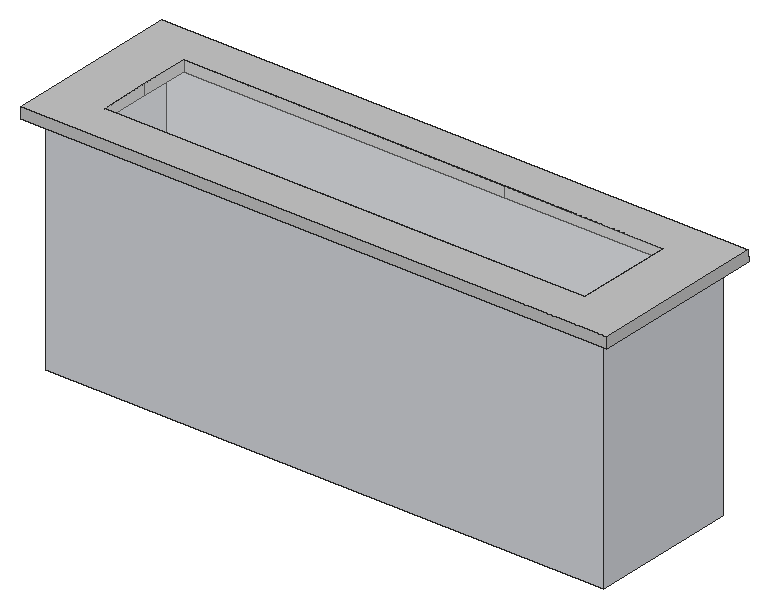
Revit family "22131_HOST_FACE", category Lighting Fixtures, host Face, Revit 2012
Parameters (values of type "Recessed Luminaires - Stainless Steel")
  Wattage = 3.36605 W
  built-in parameter 1150110 = 1 (stored number, unit not read)
  URL = "www.bega-us.com"
  built-in parameter 1114217 = 1 (stored number, unit not read)
  Tilt Angle = 90.00°
  built-in parameter 1150109 = 1 (stored number, unit not read)
  built-in parameter 1150134 = (empty or 0)
  Telephone = "805.648.0533"
  built-in parameter 1150113 = 1 (stored number, unit not read)
  Photometric Web File = "22131.IES"
  Model = "22131"
  Manufacturer = "BEGA-US"
  built-in parameter 1150105 = 39.789 (stored number, unit not read)
  Lumens = 500 lm
  built-in parameter 1150115 = 1 (stored number, unit not read)
  built-in parameter 1150137 = (empty or 0)
  built-in parameter 1150139 = (empty or 0)
  built-in parameter 1150112 = 1 (stored number, unit not read)
  built-in parameter 1150114 = 1 (stored number, unit not read)
  Lamp = "6W LED"
  built-in parameter 1150132 = 2
  built-in parameter 1150102 = (empty or 0)
  built-in parameter 1150107 = 3300 (stored number, unit not read)
  built-in parameter 1150138 = (empty or 0)
  built-in parameter 1150106 = 0.39789 (stored number, unit not read)
  built-in parameter 1150104 = 13.8 (stored number, unit not read)
  Dimming Lamp Color Temperature Shift = <None>
  Description = "Recessed wall - stainless steel with tempered glass"
  Default Elevation = 4' - 0"
  Color Filter = 16777215
  built-in parameter 1114218 = 1 (stored number, unit not read)
  built-in parameter 1150133 = 10 (stored number, unit not read)
Reference planes (in)
  plane 1 "Center (Front/Back)": y = 0
  plane 2: z = 0
  plane 3 "Center (Left/Right)": x = 0
Dimensions and locks (in)
  aligned and locked: plane 2 to host face
  aligned and locked: level to host face
Nested families (in)
  nested 1: "2131LED" at (1.4375, -1.90625, -25.90625), type "2131LED"
Connectors (in)
  electrical at (0, 0, 0)
    settings: index 1, voltage 0 V, apparent load 0 VA, apparent load phase1 0 VA, apparent load phase2 0 VA, apparent load phase3 0 VA, power factor 1, load classification "Other", number of poles 1, system type 31, power factor state 1, is connector primary yes, connector utility no, sub classification motor no, connector description ""
Definition of nested family "2131LED"
  Parameters (values of type "2131LED")
    dim_B = 0' - 3 1/8"
    dim_A = 0' - 10 3/8"
  Reference planes (in)
    plane 1 "Center (Front/Back)": y = 0
    plane 2: z = 24
    plane 3 "Center (Left/Right)": x = 0
    plane 4 "Right Faceplate": x = 3.75
    plane 5 "Left Faceplate": x = -6.625
    plane 6 "Top Faceplate": z = 25.5625
    plane 7 "Bottom Faceplate": z = 22.4375
  Forms (in)
    Extrusion 1, solid, material "Stainless Steel"
      sketch origin (0, -22.09375, 25.90625) x (1, 0, 0) y (0, 1, 0)
        loop
          line (-6.625, 25.5625) -> (-6.625, 22.4375) -> (3.75, 22.4375) -> (3.75, 25.5625) -> (-6.625, 25.5625)
        loop
          line (0, 24.875) -> (-5.6875, 24.875) -> (-5.6875, 24) -> (-5.6875, 23.125) -> (0, 23.125) -> (2.8125, 23.125) -> (2.8125, 24) -> (2.8125, 24.875) -> (0, 24.875)
      from 0 to 0.1875
    Extrusion 2, solid, material "White safety glass"
      sketch origin (0, -22.09375, 25.90625) x (1, 0, 0) y (0, 1, 0)
        loop
          line (-5.6875, 24.875) -> (-5.6875, 23.125) -> (2.8125, 23.125) -> (2.8125, 24.875) -> (-5.6875, 24.875)
      from 0 to 0.1875
    Extrusion 3, solid
      sketch origin (0, 1.90625, 25.90625) x (1, 0, 0) y (0, 0, -1)
        loop
          line (0, 0) -> (3.5, 0) -> (3.5, 4) -> (-6.375, 4) -> (-6.375, 0) -> (0, 0)
      from -1.3125 to 1.3125
    Extrusion 4, void
      sketch origin (0, 1.90625, 25.90625) x (1, 0, 0) y (0, 0, -1)
        loop
          line (0, 3.875) -> (-6.25, 3.875) -> (-6.25, 0) -> (0, 0) -> (3.375, 0) -> (3.375, 3.875) -> (0, 3.875)
      from -1.1875 to 1.1875
  Cuts and joins
    Extrusion 4 cuts Extrusion 1
    Extrusion 4 cuts Extrusion 2
    Extrusion 4 cuts Extrusion 3
  Dimensions and locks (in)
    "dim_A": plane 4 "Right Faceplate" to plane 5 "Left Faceplate"
    "dim_B": plane 6 "Top Faceplate" to plane 7 "Bottom Faceplate"
    aligned and locked: plane 2 to level
  Automatic sketch dimensions
    Extrusion 1 sketch curve to plane 5 "Left Faceplate" = 0' - 0"
    Extrusion 1 sketch curve to plane 3 "Center (Left/Right)" = 0' - 0"  (x2)
    Extrusion 1 sketch curve to plane 4 "Right Faceplate" = 0' - 0"
    plane 5 "Left Faceplate" to Extrusion 1 sketch curve = 0' - 0 15/16"
    plane 4 "Right Faceplate" to Extrusion 1 sketch curve = 0' - 0 15/16"
    Extrusion 1 sketch curve to plane 1 "Center (Front/Back)" = 0' - 0 11/32"
    Extrusion 1 sketch curve to plane 1 "Center (Front/Back)" = 0' - 1 1/32"
    Extrusion 1 sketch curve to Extrusion 1 sketch curve = 0' - 0 7/8"  (x3)
    Extrusion 1 sketch curve to Extrusion 1 sketch curve = 0' - 0 11/16"
    plane 5 "Left Faceplate" to Extrusion 2 sketch curve = 0' - 0 15/16"
    plane 4 "Right Faceplate" to Extrusion 2 sketch curve = 0' - 0 15/16"
    Extrusion 2 sketch curve to plane 1 "Center (Front/Back)" = 0' - 1 1/32"
    Extrusion 2 sketch curve to Extrusion 2 sketch curve = 0' - 1 3/4"
    Extrusion 3 sketch curve to plane 3 "Center (Left/Right)" = 0' - 0"
    plane 5 "Left Faceplate" to Extrusion 3 sketch curve = 0' - 0 1/4"
    plane 4 "Right Faceplate" to Extrusion 3 sketch curve = 0' - 0 1/4"
    plane 6 "Top Faceplate" to Extrusion 3 sketch curve = 0' - 0 11/32"
    plane 7 "Bottom Faceplate" to Extrusion 3 sketch curve = 0' - 0 17/32"
    Extrusion 4 sketch curve to plane 3 "Center (Left/Right)" = 0' - 0"  (x2)
    plane 5 "Left Faceplate" to Extrusion 4 sketch curve = 0' - 0 3/8"
    plane 4 "Right Faceplate" to Extrusion 4 sketch curve = 0' - 0 3/8"
    plane 6 "Top Faceplate" to Extrusion 4 sketch curve = 0' - 0 11/32"
    plane 7 "Bottom Faceplate" to Extrusion 4 sketch curve = 0' - 0 13/32"
